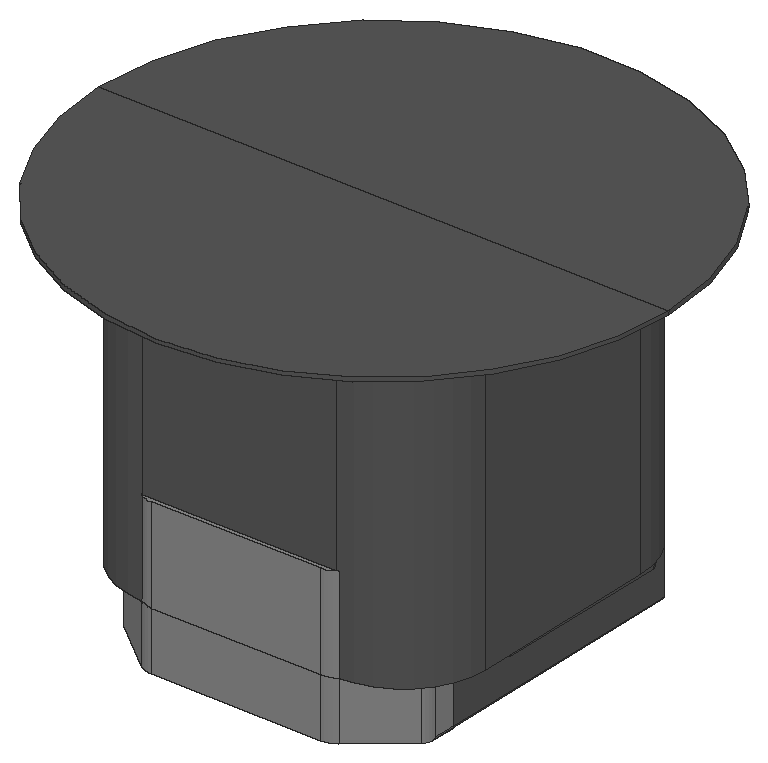
Revit family "1Electronics_Desono_Biamp_Two-Way-Conferencing-Loudspeaker_C-IC6", category Communication Devices, host Face, Revit 2020
Family settings
  Host = Face
  Maintain Annotation Orientation = No
  Round Connector Dimension = Use Diameter
  Part Type = Normal
  OmniClass Number = 23.85.10.11.14.14.14
  Cut with Voids When Loaded = No
  Shared = No
  Room Calculation Point = No
Parameters (values of type "Default - please load Revit Family Type Catalog")
  connector = no
  TCM-XA = yes
  TCM-X = yes
  Connector XA = if([TCM-XA], 3, 2)  # 3
  Connector X = if([TCM-X], 3, 2)  # 3
  Connector 450 = if(ABP450, 3, 2)  # 3
  Weight = 7.71618 lbf  # constant formula
  URL = "https://www.biamp.com/"
  Transducers = "LF 1 x 6.5 (165 mm) treated paper cone; HF 1 x 1 (25 mm) soft dome"  # constant formula
  Tile Bridge [instance] = no
  Shipping Weight = 24.0304 lbf  # constant formula
  Recommended Amplifers = "60W - 120W @ 8Ω (22V - 31V); Tesira AMP-450BP"  # constant formula
  Product data url = "https://www.bimobject.com/biamp/product/c-ic6_desono-specialty-conferencing"
  Product Page URL = "https://www.biamp.com/products/product-families/desono/specialty-conferencing-loudspeakers#c-ic6"
  Product Documentation Link = "https://downloads.biamp.com/assets/docs/default-source/data-sheets/biamp_data_sheet_desono_c_ic6_oct21.pdf"
  Operating Range (-10dB) = "60 Hz to 20 kHz"  # constant formula
  Operating Mode = "Passive with DSP"  # constant formula
  Operating Environment = "Indoor in climate-controlled environments"  # constant formula
  Nominal Sensitivity @ 1m = "1W - 88dB; 2.83V -88dB"  # constant formula
  Nominal Maximum SPL @ 1m = "Peak - 112dB; Continuous -106dB"  # constant formula
  Nominal Beamwidth  (H x V) = "130°, conical"  # constant formula
  Nom ceiling thikness [instance] = if(or(Ceiling Thickness < 0' 0 1/4", Ceiling Thickness = 0' 0 1/4"), 0' 0 1/4", if(and(Ceiling Thickness > 0' 0 1/4", Ceiling Thickness < 0' 5 1/2"), Ceiling Thickness, if(or(Ceiling Thickness > 0' 5 1/2", Ceiling Thickness = 0' 5 1/2"), 0' 5 1/2", 0' 0")))  # 0' - 0 1/4"
  Mounting Provisions = "4 mounting clamps with 36 mm (1.4) grip range"  # constant formula
  Model = "C-IC6-B with Amp-450BP"
  Manufacturer = "Biamp"  # constant formula
  Input Connection = "One 4-pole Euroblock connector for two pair of parallel connections [up to 16AWG];Two RJ-45 connectors"  # constant formula
  Housing Material = Biamp - Plastic - Black
  Grill Material = Biamp - Plastic - Black(Grid)
  Diameter = 0' - 10.86614"  # constant formula
  Description = "Desono™ C-IC6 Two-Way 6.5 Ceiling Mount Conferencing Loudspeaker"  # constant formula
  Depth = 0' - 5.94488"  # constant formula
  Default Elevation = 4' - 0"
  Cutout Diameter = "248 mm (9.75)"  # constant formula
  Continuous Power Handling Nominal Impedance = "22V; 60W @ 8Ω (240W peak)"  # constant formula
  Connector Description = "4-pole Euroblock; 22V 60W 8Ω (240W peak)"  # constant formula
  Compliance = "ETL listed to comply with UL 1480A and UL 2043;Certifed to CSA C22.2#62368-1;Suitable for use in air handling spaces per NFPA 70, NFPA 90Conforms with City of Chicago Codes"  # constant formula
  Ceiling Thickness [instance] = 0' - 0"
  ABP450 = yes
Reference planes (in)
  plane 1 "Center (Front/Back)": y = 0
  plane 2: z = 0
  plane 3 "Center (Left/Right)": x = 0
Forms (in)
  Extrusion 1, void
    sketch origin (0, 0, 0) x (1, 0, 0) y (0, 1, 0)
      loop
        circle (0, 0) r 4.8622
    from 0 to -6.10236
  Revolve 2, solid, material "Biamp - Plastic - Black(Grid)" <- "Grill Material"
    sketch origin (0, 0, 0) x (1, 0, 0) y (0, 0, 1)
      loop
        line (0, 0.07874) -> (-5.43307, 0.07874) -> (-5.43307, 0) -> (-4.84252, 0) -> (-4.84252, -0.19685) -> (-4.25197, -0.19685) -> (-4.25197, -0.3937) -> (0, -0.3937) -> (0, 0.07874)
      axis (0, -0.3937) -> (0, 0.07874)
    angle from 0 to 360
  Extrusion 3, solid, material "Biamp - Plastic - Black" <- "Housing Material", detail levels coarse
    sketch origin (0, 0, 0) x (1, 0, 0) y (0, 1, 0)
      loop
        line (-3.42418, 1.84938) -> (-3.42418, -1.84938)
        arc (-3.42418, -1.84938) -> (-2.96293, -2.96293) -> (-1.84938, -3.42418) r 1.5748
        line (-1.84938, -3.42418) -> (1.84938, -3.42418)
        arc (1.84938, -3.42418) -> (2.96293, -2.96293) -> (3.42418, -1.84938) r 1.5748
        line (3.42418, -1.84938) -> (3.42418, 1.84938)
        arc (3.42418, 1.84938) -> (2.96293, 2.96293) -> (1.84938, 3.42418) r 1.5748
        line (1.84938, 3.42418) -> (-1.84938, 3.42418)
        arc (-1.84938, 3.42418) -> (-2.96293, 2.96293) -> (-3.42418, 1.84938) r 1.5748
    from -5.94488 to -0.3937
  Extrusion 4, solid, material "Biamp - Plastic - Black" <- "Housing Material", detail levels medium+fine
    sketch origin (0, 0, 0) x (1, 0, 0) y (0, 1, 0)
      loop
        line (-3.42418, 1.84938) -> (-3.42418, -1.84938)
        arc (-3.42418, -1.84938) -> (-2.96293, -2.96293) -> (-1.84938, -3.42418) r 1.5748
        line (-1.84938, -3.42418) -> (1.84938, -3.42418)
        arc (1.84938, -3.42418) -> (2.96293, -2.96293) -> (3.42418, -1.84938) r 1.5748
        line (3.42418, -1.84938) -> (3.42418, 1.84938)
        arc (3.42418, 1.84938) -> (2.96293, 2.96293) -> (1.84938, 3.42418) r 1.5748
        line (1.84938, 3.42418) -> (-1.84938, 3.42418)
        arc (-1.84938, 3.42418) -> (-2.96293, 2.96293) -> (-3.42418, 1.84938) r 1.5748
    from -5.94488 to -0.3937
  Extrusion 5, void
    sketch origin (0, 0, 0) x (1, 0, 0) y (0, 1, 0)
      loop
        line (-0.74666, -1.34345) -> (-0.74666, -1.73715) -> (0.74666, -1.73715) -> (0.74666, -1.34345) -> (-0.74666, -1.34345)
      loop
        line (-0.62821, -1.89571) -> (-0.62821, -2.28942) -> (-0.19243, -2.28942) -> (-0.19243, -1.89571) -> (-0.62821, -1.89571)
      loop
        line (0.62821, -1.89571) -> (0.19243, -1.89571) -> (0.19243, -2.28942) -> (0.62821, -2.28942) -> (0.62821, -1.89571)
    from -6.20004 to -5.8118
  Extrusion 6, solid, material "Biamp - Plastic - Black" <- "Housing Material", visible <- "ABP450"
    sketch origin (0, 0, 0) x (1, 0, 0) y (0, 1, 0)
      loop
        line (2.9249, -2.01134) -> (3.38952, -1.2066) -> (3.38952, 2.19642) -> (2.92127, 3.00744) -> (-2.92127, 3.00744) -> (-3.38952, 2.19642) -> (-3.38952, -1.2066) -> (-2.9249, -2.01134) -> (2.9249, -2.01134)
      loop
        circle (-3.23227, 0.3418) r 0.08163
      loop
        circle (3.23227, 0.3418) r 0.08163
    from -6.0093 to -5.94488
  Extrusion 7, solid, material "Biamp - Plastic - Black" <- "Housing Material", visible <- "ABP450"
    sketch origin (0, 0, 0) x (1, 0, 0) y (0, 0, 1)
      loop
        line (-2.9249, -6.0093) -> (-2.9249, -7.02752)
        arc (-2.9249, -7.02752) -> (-2.91465, -7.05225) -> (-2.88992, -7.0625) r 0.03498
        line (-2.88992, -7.0625) -> (2.88992, -7.0625)
        arc (2.88992, -7.0625) -> (2.91465, -7.05225) -> (2.9249, -7.02752) r 0.03498
        line (2.9249, -7.02752) -> (2.9249, -6.0093) -> (-2.9249, -6.0093)
    from -3.00744 to 2.01134
  Extrusion 8, void
    sketch origin (0, -2.01134, 0) x (-1, 0, 0) y (0, 0, 1)
      loop
        line (2.77058, -6.20216) -> (2.34135, -6.20216) -> (2.34135, -6.62266) -> (2.77058, -6.62266) -> (2.77058, -6.20216)
      loop
        line (-2.77058, -6.20216) -> (-2.77058, -6.62266) -> (-2.34135, -6.62266) -> (-2.34135, -6.20216) -> (-2.77058, -6.20216)
      loop
        line (2.27058, -6.20216) -> (1.84135, -6.20216) -> (1.84135, -6.62266) -> (2.27058, -6.62266) -> (2.27058, -6.20216)
      loop
        line (1.77058, -6.20216) -> (1.34135, -6.20216) -> (1.34135, -6.62266) -> (1.77058, -6.62266) -> (1.77058, -6.20216)
      loop
        line (1.27058, -6.20216) -> (0.84135, -6.20216) -> (0.84135, -6.62266) -> (1.27058, -6.62266) -> (1.27058, -6.20216)
    from -0.34114 to 0.08712
  Extrusion 9, solid, material "Biamp - Plastic - Dark Gray", visible <- "ABP450"
    sketch origin (0, 0, -5.94488) x (0, 1, 0) y (1, 0, 0)
      loop
        line (-2.01134, 2.9249) -> (-2.41738, 2.9249)
        arc (-2.41738, 2.9249) -> (-2.53504, 2.90415) -> (-2.63851, 2.84442) r 0.34401
        line (-2.63851, 2.84442) -> (-3.42542, 1.87267)
        arc (-3.42542, 1.87267) -> (-3.49412, 1.75) -> (-3.51793, 1.61142) r 0.41512
        line (-3.51793, 1.61142) -> (-3.51793, -1.61142)
        arc (-3.51793, -1.61142) -> (-3.49412, -1.75) -> (-3.42542, -1.87267) r 0.41512
        line (-3.42542, -1.87267) -> (-2.63851, -2.84442)
        arc (-2.63851, -2.84442) -> (-2.53504, -2.90415) -> (-2.41738, -2.9249) r 0.34401
        line (-2.41738, -2.9249) -> (-2.01134, -2.9249) -> (-2.01134, 2.9249)
    from 0 to 1.11762
  Extrusion 10, void
    sketch origin (1.42689, -3.51793, -5.94488) x (1, 0, 0) y (0, 0, -1)
      loop
        arc (-4.35179, 1.08263) -> (-4.34155, 1.10737) -> (-4.31681, 1.11762) r 0.03498
        line (-4.31681, 1.11762) -> (-4.36912, 1.14306) -> (-4.35179, 1.08263)
      loop
        line (1.49801, 1.08263) -> (1.51534, 1.14306) -> (1.46303, 1.11762)
        arc (1.46303, 1.11762) -> (1.48776, 1.10737) -> (1.49801, 1.08263) r 0.03498
    from 0 to 2.76445
  Extrusion 11, solid, material "Biamp - Plastic - Dark Gray", visible <- "ABP450"
    sketch origin (0, 0, -5.94488) x (0, 1, 0) y (-1, 0, 0)
      loop
        line (-3.42418, -1.87419) -> (-3.42418, 1.87419)
        arc (-3.42418, 1.87419) -> (-3.49379, 1.75092) -> (-3.51793, 1.61142) r 0.41512
        line (-3.51793, 1.61142) -> (-3.51793, -1.61142)
        arc (-3.51793, -1.61142) -> (-3.49379, -1.75092) -> (-3.42418, -1.87419) r 0.41512
    from 0 to 1.82275
  Extrusion 12, solid, material "Biamp - Plastic - Dark Gray", visible <- "TCM-X"
    sketch origin (0, 0, -5.94488) x (0, 1, 0) y (1, 0, 0)
      loop
        line (-2.01134, 2.9249) -> (-2.41738, 2.9249)
        arc (-2.41738, 2.9249) -> (-2.53504, 2.90415) -> (-2.63851, 2.84442) r 0.34401
        line (-2.63851, 2.84442) -> (-3.42542, 1.87267)
        arc (-3.42542, 1.87267) -> (-3.49412, 1.75) -> (-3.51793, 1.61142) r 0.41512
        line (-3.51793, 1.61142) -> (-3.51793, -1.61142)
        arc (-3.51793, -1.61142) -> (-3.49412, -1.75) -> (-3.42542, -1.87267) r 0.41512
        line (-3.42542, -1.87267) -> (-2.63851, -2.84442)
        arc (-2.63851, -2.84442) -> (-2.53504, -2.90415) -> (-2.41738, -2.9249) r 0.34401
        line (-2.41738, -2.9249) -> (-2.01134, -2.9249) -> (-2.01134, 2.9249)
    from 0 to 1.11762
  Extrusion 13, solid, material "Biamp - Plastic - Dark Gray", visible <- "TCM-X"
    sketch origin (0, 0, -5.94488) x (0, 1, 0) y (-1, 0, 0)
      loop
        line (-3.42418, -1.87419) -> (-3.42418, 1.87419)
        arc (-3.42418, 1.87419) -> (-3.49379, 1.75092) -> (-3.51793, 1.61142) r 0.41512
        line (-3.51793, 1.61142) -> (-3.51793, -1.61142)
        arc (-3.51793, -1.61142) -> (-3.49379, -1.75092) -> (-3.42418, -1.87419) r 0.41512
    from 0 to 1.82275
  Extrusion 14, solid, material "Biamp - Plastic - Black" <- "Housing Material", visible <- "TCM-X"
    sketch origin (0, 0, 0) x (1, 0, 0) y (0, 1, 0)
      loop
        line (2.9249, -2.01134) -> (3.38952, -1.2066) -> (3.38952, 2.19642) -> (2.92127, 3.00744) -> (-2.92127, 3.00744) -> (-3.38952, 2.19642) -> (-3.38952, -1.2066) -> (-2.9249, -2.01134) -> (2.9249, -2.01134)
      loop
        circle (-3.23227, 0.3418) r 0.08163
      loop
        circle (3.23227, 0.3418) r 0.08163
    from -6.0093 to -5.94488
  Extrusion 15, solid, material "Biamp - Plastic - Black" <- "Housing Material", visible <- "TCM-X"
    sketch origin (0, 0, 0) x (1, 0, 0) y (0, 0, 1)
      loop
        line (-2.9249, -6.0093) -> (-2.9249, -7.02752)
        arc (-2.9249, -7.02752) -> (-2.91465, -7.05225) -> (-2.88992, -7.0625) r 0.03498
        line (-2.88992, -7.0625) -> (2.88992, -7.0625)
        arc (2.88992, -7.0625) -> (2.91465, -7.05225) -> (2.9249, -7.02752) r 0.03498
        line (2.9249, -7.02752) -> (2.9249, -6.0093) -> (-2.9249, -6.0093)
    from -3.00744 to 2.01134
  Extrusion 16, void
    sketch origin (0, -2.01134, 0) x (1, 0, 0) y (0, 0, 1)
      loop
        line (1.09135, -6.20216) -> (1.09135, -6.62266) -> (1.52058, -6.62266) -> (1.52058, -6.20216) -> (1.09135, -6.20216)
      loop
        line (-0.3229, -6.20216) -> (-0.3229, -6.62266) -> (0.10633, -6.62266) -> (0.10633, -6.20216) -> (-0.3229, -6.20216)
      loop
        line (-1.0729, -6.20216) -> (-1.0729, -6.62266) -> (-0.64367, -6.62266) -> (-0.64367, -6.20216) -> (-1.0729, -6.20216)
    from -0.08712 to 0.27807
  Extrusion 17, solid, material "Biamp - Plastic - Black" <- "Housing Material", visible <- "TCM-XA"
    sketch origin (0, 0, 0) x (1, 0, 0) y (0, 1, 0)
      loop
        line (2.9249, -2.01134) -> (3.38952, -1.2066) -> (3.38952, 2.19642) -> (2.92127, 3.00744) -> (-2.92127, 3.00744) -> (-3.38952, 2.19642) -> (-3.38952, -1.2066) -> (-2.9249, -2.01134) -> (2.9249, -2.01134)
      loop
        circle (-3.23227, 0.3418) r 0.08163
      loop
        circle (3.23227, 0.3418) r 0.08163
    from -6.0093 to -5.94488
  Extrusion 18, solid, material "Biamp - Plastic - Black" <- "Housing Material", visible <- "TCM-XA"
    sketch origin (0, 0, 0) x (1, 0, 0) y (0, 0, 1)
      loop
        line (-2.9249, -6.0093) -> (-2.9249, -7.02752)
        arc (-2.9249, -7.02752) -> (-2.91465, -7.05225) -> (-2.88992, -7.0625) r 0.03498
        line (-2.88992, -7.0625) -> (2.88992, -7.0625)
        arc (2.88992, -7.0625) -> (2.91465, -7.05225) -> (2.9249, -7.02752) r 0.03498
        line (2.9249, -7.02752) -> (2.9249, -6.0093) -> (-2.9249, -6.0093)
    from -3.00744 to 2.01134
  Extrusion 19, solid, material "Biamp - Plastic - Dark Gray", visible <- "TCM-XA"
    sketch origin (0, 0, -5.94488) x (0, 1, 0) y (1, 0, 0)
      loop
        line (-2.01134, 2.9249) -> (-2.41738, 2.9249)
        arc (-2.41738, 2.9249) -> (-2.53504, 2.90415) -> (-2.63851, 2.84442) r 0.34401
        line (-2.63851, 2.84442) -> (-3.42542, 1.87267)
        arc (-3.42542, 1.87267) -> (-3.49412, 1.75) -> (-3.51793, 1.61142) r 0.41512
        line (-3.51793, 1.61142) -> (-3.51793, -1.61142)
        arc (-3.51793, -1.61142) -> (-3.49412, -1.75) -> (-3.42542, -1.87267) r 0.41512
        line (-3.42542, -1.87267) -> (-2.63851, -2.84442)
        arc (-2.63851, -2.84442) -> (-2.53504, -2.90415) -> (-2.41738, -2.9249) r 0.34401
        line (-2.41738, -2.9249) -> (-2.01134, -2.9249) -> (-2.01134, 2.9249)
    from 0 to 1.11762
  Extrusion 20, solid, material "Biamp - Plastic - Dark Gray", visible <- "TCM-XA"
    sketch origin (0, 0, -5.94488) x (0, 1, 0) y (-1, 0, 0)
      loop
        line (-3.42418, -1.87419) -> (-3.42418, 1.87419)
        arc (-3.42418, 1.87419) -> (-3.49379, 1.75092) -> (-3.51793, 1.61142) r 0.41512
        line (-3.51793, 1.61142) -> (-3.51793, -1.61142)
        arc (-3.51793, -1.61142) -> (-3.49379, -1.75092) -> (-3.42418, -1.87419) r 0.41512
    from 0 to 1.82275
  Extrusion 21, void
    sketch origin (0, -2.01134, 0) x (1, 0, 0) y (0, 0, 1)
      loop
        line (-1.8229, -6.20216) -> (-1.8229, -6.62266) -> (-1.39367, -6.62266) -> (-1.39367, -6.20216) -> (-1.8229, -6.20216)
      loop
        line (-2.5729, -6.20216) -> (-2.5729, -6.62266) -> (-2.14367, -6.62266) -> (-2.14367, -6.20216) -> (-2.5729, -6.20216)
    from -0.08712 to 0.14433
Cuts and joins
  Extrusion 5 cuts Extrusion 4
  Extrusion 5 cuts Revolve 2
  Extrusion 5 cuts Extrusion 3
  Extrusion 8, Extrusion 10 cuts Extrusion 7
  Extrusion 10 cuts Extrusion 9
  Extrusion 10 cuts Extrusion 12
  Extrusion 16 cuts Extrusion 15
  Extrusion 16, Extrusion 21 cuts Extrusion 18
Lines and regions (in)
  Masking region 1
    outline origin (0, 0, 0) x (1, 0, 0) y (0, 1, 0)
      loop
        circle (0, 0) r 5.43307
  Masking region 2
    outline origin (0, 0, 0) x (1, 0, 0) y (0, 0, 1)
      loop
        line (5.43307, 0.07874) -> (-5.43307, 0.07874) -> (-5.43307, 0) -> (-4.84252, 0) -> (-4.84252, -0.19685) -> (-4.25197, -0.19685) -> (-4.25197, -0.3937) -> (4.25197, -0.3937) -> (4.25197, -0.19685) -> (4.84252, -0.19685) -> (4.84252, 0) -> (5.43307, 0) -> (5.43307, 0.07874)
  Masking region 3
    outline origin (0, 0, 0) x (1, 0, 0) y (0, 0, 1)
      loop
        line (-3.42418, -0.3937) -> (-3.42418, -5.94488) -> (3.42418, -5.94488) -> (3.42418, -0.3937) -> (-3.42418, -0.3937)
  Masking region 4, visible <- "ABP450"
    outline origin (0, 0, 0) x (1, 0, 0) y (0, 0, 1)
      loop
        line (-3.07702, -5.94488) -> (-3.07702, -6.0093) -> (3.07702, -6.0093) -> (3.07702, -5.94488) -> (-3.07702, -5.94488)
  Masking region 5, visible <- "ABP450"
    outline origin (0, 0, 0) x (1, 0, 0) y (0, 0, 1)
      loop
        line (-2.6124, -6.0093) -> (-2.6124, -7.02752)
        arc (-2.6124, -7.02752) -> (-2.60215, -7.05225) -> (-2.57742, -7.0625) r 0.03498
        line (-2.57742, -7.0625) -> (2.57742, -7.0625)
        arc (2.57742, -7.0625) -> (2.60215, -7.05225) -> (2.6124, -7.02752) r 0.03498
        line (2.6124, -7.02752) -> (2.6124, -6.0093) -> (-2.6124, -6.0093)
  Masking region 6, visible <- "ABP450"
    outline origin (0, 0, 0) x (1, 0, 0) y (0, 1, 0)
      loop
        line (-3.38952, 2.19642) -> (-3.38952, -1.2066) -> (-2.92127, -2.01762) -> (-2.92127, 3.00744) -> (-3.38952, 2.19642)
      loop
        circle (-3.23227, 0.3418) r 0.08163
      loop
        line (3.38952, 2.19642) -> (2.92127, 3.00744) -> (2.92127, -2.01762) -> (3.38952, -1.2066) -> (3.38952, 2.19642)
      loop
        circle (3.23227, 0.3418) r 0.08163
  Masking region 7, visible <- "ABP450"
    outline origin (0, 0, 0) x (1, 0, 0) y (0, 1, 0)
      loop
        line (-2.9249, 3.00744) -> (-2.9249, -2.01134) -> (2.9249, -2.01134) -> (2.9249, 3.00744) -> (-2.9249, 3.00744)
  Masking region 8
    outline origin (0, 0, 0) x (1, 0, 0) y (0, 0, 1)
      loop
        line (-2.6124, -6.0093) -> (-2.6124, -7.0625) -> (2.6184, -7.0625) -> (2.6184, -6.0093) -> (-2.6124, -6.0093)
  Masking region 9
    outline origin (0, 0, 0) x (1, 0, 0) y (0, 0, 1)
      loop
        line (-1.87419, -4.12213) -> (-1.87419, -6.0093) -> (1.87419, -6.0093) -> (1.87419, -4.12213) -> (-1.87419, -4.12213)
  Masking region 10, visible <- "ABP450"
    outline origin (0, 0, 0) x (1, 0, 0) y (0, 1, 0)
      loop
        line (-2.84442, -2.63851) -> (-1.87267, -3.42542)
        arc (-1.87267, -3.42542) -> (-1.75, -3.49412) -> (-1.61142, -3.51793) r 0.41512
        line (-1.61142, -3.51793) -> (1.61142, -3.51793)
        arc (1.61142, -3.51793) -> (1.75, -3.49412) -> (1.87267, -3.42542) r 0.41512
        line (1.87267, -3.42542) -> (2.84442, -2.63851)
        arc (2.84442, -2.63851) -> (2.90415, -2.53504) -> (2.9249, -2.41738) r 0.34401
        line (2.9249, -2.41738) -> (2.9249, -2.01134) -> (-2.9249, -2.01134) -> (-2.9249, -2.41738)
        arc (-2.9249, -2.41738) -> (-2.90415, -2.53504) -> (-2.84442, -2.63851) r 0.34401
  reference lines
    curve 1: line (-58.44901, 0, -0.25) -> (-45.44901, 0, -0.25)
    curve 2: line (0, -4.62706, -5.43695) -> (0, -7.12706, -5.43695)
    curve 3: line (0, 3.29143, -5.94158) -> (0, 4.54143, -5.94158)
Dimensions and locks (in)
  "Nom ceiling thikness": plane 2 to curve 1
  equal spacing: group 2, group 11, group 1
  equal spacing: group 1, group 11, group 2  (x2)
  equal spacing: group 4, group 12, group 3
  equal spacing: group 3, group 12, group 4  (x2)
  equal spacing: group 6, group 13, group 5
  equal spacing: group 5, group 13, group 6  (x2)
  equal spacing: group 8, group 14, group 7
  equal spacing: group 7, group 14, group 8  (x2)
  equal spacing: group 10, group 15, group 9
  equal spacing: group 9, group 15, group 10  (x2)
  equal spacing: group 17, group 18, group 16
  equal spacing: group 16, group 18, group 17  (x2)
  equal spacing: group 20, group 21, group 19
  equal spacing: group 19, group 21, group 20  (x2)
  equal spacing: group 23, group 24, group 22
  equal spacing: group 22, group 24, group 23  (x2)
  equal spacing: group 26, group 27, group 25
  equal spacing: group 25, group 27, group 26  (x2)
  equal spacing: group 29, group 30, group 28
  equal spacing: group 28, group 30, group 29  (x2)
  equal spacing: group 32, group 33, group 31
  equal spacing: group 31, group 33, group 32  (x2)
  equal spacing: group 35, group 36, group 34
  equal spacing: group 34, group 36, group 35  (x2)
  equal spacing: group 38, group 39, group 37
  equal spacing: group 37, group 39, group 38  (x2)
  aligned and locked: plane 2 to host face
  aligned and locked: level to host face
Automatic sketch dimensions
  host sketch curve to host sketch curve = 8' - 0"  (x2)
  plane 1 "Center (Front/Back)" to Extrusion 1 sketch curve = 0' - 0"
  Extrusion 1 sketch curve to plane 3 "Center (Left/Right)" = 0' - 0"
  Revolve 2 sketch curve to level = 0' - 0"
  Revolve 2 sketch curve to plane 3 "Center (Left/Right)" = 0' - 0"  (x2)
  Revolve 2 sketch curve to level = 0' - 0.3937"
  Revolve 2 sketch curve to Revolve 2 sketch curve = 0' - 4.25197"
  Revolve 2 sketch curve to level = 0' - 0.19685"
  Revolve 2 sketch curve to Revolve 2 sketch curve = 0' - 0.59055"  (x2)
  Revolve 2 sketch curve to Revolve 2 sketch curve = 0' - 0.07874"
  Revolve 2 sketch curve to Revolve 2 sketch curve = 0' - 1.9685"
  Revolve 2 sketch curve to Revolve 2 sketch curve = 0' - 1.69291"
  Extrusion 3 sketch curve to plane 1 "Center (Front/Back)" = 0' - 1.84938"
  Extrusion 3 sketch curve to plane 3 "Center (Left/Right)" = 0' - 3.42418"
  Extrusion 3 sketch curve to plane 3 "Center (Left/Right)" = 0' - 1.84938"  (x2)
  plane 3 "Center (Left/Right)" to Extrusion 3 sketch curve = 0' - 1.84938"  (x2)
  Extrusion 3 sketch curve to Extrusion 3 sketch curve = 0' - 1.5748"
  plane 1 "Center (Front/Back)" to Extrusion 3 sketch curve = 0' - 1.84938"
  Extrusion 4 sketch curve to plane 1 "Center (Front/Back)" = 0' - 1.84938"
  Extrusion 4 sketch curve to plane 3 "Center (Left/Right)" = 0' - 3.42418"
  Extrusion 4 sketch curve to plane 3 "Center (Left/Right)" = 0' - 1.84938"  (x2)
  plane 3 "Center (Left/Right)" to Extrusion 4 sketch curve = 0' - 1.84938"  (x2)
  Extrusion 4 sketch curve to Extrusion 4 sketch curve = 0' - 1.5748"
  plane 1 "Center (Front/Back)" to Extrusion 4 sketch curve = 0' - 1.84938"
  Extrusion 5 sketch curve to plane 3 "Center (Left/Right)" = 0' - 0.74666"
  Extrusion 5 sketch curve to Extrusion 5 sketch curve = 0' - 0.11845"  (x2)
  Extrusion 5 sketch curve to plane 3 "Center (Left/Right)" = 0' - 0.19243"
  plane 3 "Center (Left/Right)" to Extrusion 5 sketch curve = 0' - 0.19243"
  Extrusion 5 sketch curve to Extrusion 5 sketch curve = 0' - 0.43578"
  plane 1 "Center (Front/Back)" to Extrusion 5 sketch curve = 0' - 2.28942"
  Extrusion 5 sketch curve to Extrusion 5 sketch curve = 0' - 0"  (x2)
  Extrusion 5 sketch curve to Extrusion 5 sketch curve = 0' - 0.3937"  (x2)
  Extrusion 5 sketch curve to Extrusion 5 sketch curve = 0' - 0.15857"
  plane 1 "Center (Front/Back)" to Masking region 1 sketch curve = 0' - 0"
  Masking region 1 sketch curve to plane 3 "Center (Left/Right)" = 0' - 0"
  Masking region 2 sketch curve to level = 0' - 0"  (x2)
  level to Masking region 2 sketch curve = 0' - 0.07874"
  Masking region 2 sketch curve to plane 3 "Center (Left/Right)" = 0' - 5.43307"
  Masking region 2 sketch curve to Masking region 2 sketch curve = 0' - 0.59055"  (x4)
  Masking region 2 sketch curve to level = 0' - 0.3937"
  plane 3 "Center (Left/Right)" to Masking region 2 sketch curve = 0' - 4.25197"
  Masking region 2 sketch curve to level = 0' - 0.19685"  (x2)
  Masking region 3 sketch curve to level = 0' - 0.3937"
  Masking region 3 sketch curve to plane 3 "Center (Left/Right)" = 0' - 3.42418"
  plane 3 "Center (Left/Right)" to Masking region 3 sketch curve = 0' - 3.42418"
  Masking region 3 sketch curve to Masking region 3 sketch curve = 0' - 5.55118"
  plane 1 "Center (Front/Back)" to curve 2 = 0' - 7.12706"
  curve 3 to plane 1 "Center (Front/Back)" = 0' - 3.29143"
  curve 3 to level = 0' - 5.94158"
  curve 2 to curve 2 = 0' - 2 1/2"
  curve 3 to curve 3 = 0' - 1 1/4"
  curve 2 to level = 0' - 5.43695"
  Extrusion 7 sketch curve to plane 3 "Center (Left/Right)" = 0' - 2.9249"
  Extrusion 7 sketch curve to Extrusion 7 sketch curve = 0' - 0.03498"  (x2)
  plane 3 "Center (Left/Right)" to Extrusion 7 sketch curve = 0' - 2.9249"
  Extrusion 7 sketch curve to level = 0' - 7 1/16"
  Extrusion 7 sketch curve to Extrusion 7 sketch curve = 0' - 1.01822"
  Extrusion 7 to Extrusion 8 sketch curve = 0' - 0.15432"  (x2)
  Extrusion 7 to Extrusion 8 sketch curve = 0' - 0.19286"  (x2)
  Extrusion 8 sketch curve to Extrusion 8 sketch curve = 0' - 0.42923"  (x4)
  Extrusion 7 to Extrusion 8 sketch curve = 0' - 0.43984"  (x2)
  Extrusion 7 to Extrusion 8 sketch curve = 0' - 2.08355"
  Extrusion 8 sketch curve to Extrusion 8 sketch curve = 0' - 0.07077"  (x3)
  Extrusion 8 sketch curve to Extrusion 8 sketch curve = 0' - 0.4205"  (x2)
  Extrusion 8 sketch curve to Extrusion 8 sketch curve = 0' - 0"  (x4)
  Masking region 4 sketch curve to plane 3 "Center (Left/Right)" = 0' - 3.07702"
  plane 3 "Center (Left/Right)" to Masking region 4 sketch curve = 0' - 3.07702"
  Masking region 4 sketch curve to level = 0' - 6.0093"
  Masking region 4 sketch curve to Masking region 4 sketch curve = 0' - 0.06441"
  Masking region 5 sketch curve to plane 3 "Center (Left/Right)" = 0' - 2.6124"
  Masking region 5 sketch curve to Masking region 5 sketch curve = 0' - 0.03498"  (x2)
  plane 3 "Center (Left/Right)" to Masking region 5 sketch curve = 0' - 2.57742"
  Masking region 5 sketch curve to level = 0' - 7 1/16"
  Masking region 5 sketch curve to Masking region 5 sketch curve = 0' - 1.01822"
  Masking region 7 sketch curve to plane 3 "Center (Left/Right)" = 0' - 2.9249"
  plane 3 "Center (Left/Right)" to Masking region 7 sketch curve = 0' - 2.9249"
  plane 1 "Center (Front/Back)" to Masking region 7 sketch curve = 0' - 2.01134"
  Masking region 7 sketch curve to plane 1 "Center (Front/Back)" = 0' - 3.00744"
  Extrusion 10 sketch curve to Extrusion 9 = 0' - 0"  (x2)
  Extrusion 9 to Extrusion 10 sketch curve = 0' - 0.02544"  (x2)
  Extrusion 10 sketch curve to Extrusion 9 = 0' - 0.03498"  (x2)
  Extrusion 10 sketch curve to Extrusion 10 sketch curve = 0' - 0.01733"
  Extrusion 10 sketch curve to Extrusion 10 sketch curve = 0' - 0.05231"
  plane 1 "Center (Front/Back)" to Extrusion 6 sketch curve = 0' - 1.2066"  (x2)
  Extrusion 6 sketch curve to plane 3 "Center (Left/Right)" = 0' - 3.38952"
  Extrusion 6 sketch curve to plane 1 "Center (Front/Back)" = 0' - 0.3418"  (x2)
  Extrusion 6 sketch curve to Extrusion 6 sketch curve = 0' - 0.15725"
  Extrusion 6 sketch curve to Extrusion 6 sketch curve = 0' - 0.46462"
  Extrusion 6 sketch curve to Extrusion 6 sketch curve = 0' - 0.46824"  (x2)
  plane 3 "Center (Left/Right)" to Extrusion 6 sketch curve = 0' - 2.92127"
  Extrusion 6 sketch curve to Extrusion 6 sketch curve = 0' - 1.85462"  (x2)
  Extrusion 6 sketch curve to Extrusion 6 sketch curve = 0' - 0.81102"
  Extrusion 6 sketch curve to Extrusion 6 sketch curve = 0' - 0.08163"  (x2)
  plane 3 "Center (Left/Right)" to Extrusion 6 sketch curve = 0' - 2.9249"
  Extrusion 6 sketch curve to Extrusion 6 sketch curve = 0' - 0.30737"
  Extrusion 6 sketch curve to Extrusion 6 sketch curve = 0' - 0.80474"
  Extrusion 9 sketch curve to Extrusion 3 = 0' - 0 3/32"
  Extrusion 9 sketch curve to Extrusion 3 = 0' - 0.00124"  (x2)
  Extrusion 3 to Extrusion 9 sketch curve = 0' - 0.32137"
  Extrusion 3 to Extrusion 9 sketch curve = 0' - 0.78567"  (x2)
  Extrusion 9 sketch curve to Extrusion 9 sketch curve = 0' - 0.22113"  (x2)
  Extrusion 9 sketch curve to Extrusion 9 sketch curve = 0' - 0.40604"
  Extrusion 3 to Extrusion 9 sketch curve = 0' - 0.49928"
  Extrusion 9 sketch curve to Extrusion 9 sketch curve = 0' - 0.08048"
  Extrusion 9 sketch curve to Extrusion 9 sketch curve = 0' - 0.70822"
  Extrusion 3 to Extrusion 9 sketch curve = 0' - 1.81275"
  Extrusion 9 sketch curve to Extrusion 9 sketch curve = 0' - 0.26125"
  Extrusion 9 sketch curve to Extrusion 9 sketch curve = 0' - 0.26353"
  Extrusion 3 to Extrusion 9 sketch curve = 0' - 0.84329"
  Extrusion 10 sketch curve to Extrusion 9 = 0' - 1.3308"
  Extrusion 10 sketch curve to Extrusion 9 = 0' - 1.27849"
  Extrusion 11 sketch curve to Extrusion 9 = 0' - 0 3/32"
  Extrusion 11 sketch curve to Extrusion 9 = 0' - 1.05071"
  Extrusion 11 sketch curve to Extrusion 11 sketch curve = 0' - 0.26277"
  Masking region 8 sketch curve to plane 3 "Center (Left/Right)" = 0' - 2.6124"
  plane 3 "Center (Left/Right)" to Masking region 8 sketch curve = 0' - 2.6184"
  Masking region 8 sketch curve to level = 0' - 7 1/16"
  Masking region 8 sketch curve to Masking region 8 sketch curve = 0' - 1.0532"
  Masking region 9 sketch curve to plane 3 "Center (Left/Right)" = 0' - 1.87419"
  plane 3 "Center (Left/Right)" to Masking region 9 sketch curve = 0' - 1.87419"
  Masking region 9 sketch curve to level = 0' - 6.0093"
  Masking region 9 sketch curve to Masking region 9 sketch curve = 0' - 1.88716"
  Masking region 6 sketch curve to Masking region 6 sketch curve = 0' - 0"  (x4)
  Masking region 6 sketch curve to plane 3 "Center (Left/Right)" = 0' - 3.38952"
  Masking region 6 sketch curve to plane 1 "Center (Front/Back)" = 0' - 0.3418"  (x2)
  Masking region 6 sketch curve to Masking region 6 sketch curve = 0' - 0.15725"
  Masking region 6 sketch curve to Masking region 6 sketch curve = 0' - 0.46824"  (x2)
  plane 3 "Center (Left/Right)" to Masking region 6 sketch curve = 0' - 2.92127"
  Masking region 6 sketch curve to Masking region 6 sketch curve = 0' - 0.31099"
  plane 1 "Center (Front/Back)" to Masking region 6 sketch curve = 0' - 1.2066"
  plane 1 "Center (Front/Back)" to Masking region 6 sketch curve = 0' - 2.01762"
  Masking region 6 sketch curve to Masking region 6 sketch curve = 0' - 0.81102"  (x4)
  Masking region 6 sketch curve to Masking region 6 sketch curve = 0' - 1.85462"  (x2)
  Masking region 6 sketch curve to Masking region 6 sketch curve = 0' - 0.08163"  (x2)
  Masking region 10 sketch curve to plane 3 "Center (Left/Right)" = 0' - 2.9249"
  Masking region 10 sketch curve to Masking region 10 sketch curve = 0' - 0.08048"
  Masking region 10 sketch curve to Masking region 10 sketch curve = 0' - 0.26353"  (x2)
  Masking region 10 sketch curve to Masking region 10 sketch curve = 0' - 0.70822"
  Masking region 10 sketch curve to Masking region 10 sketch curve = 0' - 0.26125"  (x2)
  plane 3 "Center (Left/Right)" to Masking region 10 sketch curve = 0' - 1.61142"
  Masking region 10 sketch curve to Masking region 10 sketch curve = 0' - 0.96946"
  Masking region 10 sketch curve to Masking region 10 sketch curve = 0' - 0.34401"
  plane 1 "Center (Front/Back)" to Masking region 10 sketch curve = 0' - 3.51793"
  Masking region 10 sketch curve to Masking region 10 sketch curve = 0' - 0.09251"  (x2)
  Masking region 10 sketch curve to Masking region 10 sketch curve = 0' - 0.78691"  (x2)
  Masking region 10 sketch curve to Masking region 10 sketch curve = 0' - 0.40604"
  Extrusion 12 sketch curve to Extrusion 3 = 0' - 0 3/32"
  Extrusion 12 sketch curve to Extrusion 3 = 0' - 0.00124"  (x2)
  Extrusion 3 to Extrusion 12 sketch curve = 0' - 0.32137"  (x2)
  Extrusion 3 to Extrusion 12 sketch curve = 0' - 0.78567"  (x2)
  Extrusion 12 sketch curve to Extrusion 12 sketch curve = 0' - 0.22113"  (x2)
  Extrusion 12 sketch curve to Extrusion 12 sketch curve = 0' - 0.40604"
  Extrusion 3 to Extrusion 12 sketch curve = 0' - 0.49928"
  Extrusion 12 sketch curve to Extrusion 12 sketch curve = 0' - 0.08048"
  Extrusion 12 sketch curve to Extrusion 12 sketch curve = 0' - 0.70822"
  Extrusion 3 to Extrusion 12 sketch curve = 0' - 1.81275"
  Extrusion 3 to Extrusion 12 sketch curve = 0' - 0.84329"
  Extrusion 12 sketch curve to Extrusion 12 sketch curve = 0' - 0.26353"
  Extrusion 13 sketch curve to Extrusion 9 = 0' - 0 3/32"
  Extrusion 13 sketch curve to Extrusion 13 sketch curve = 0' - 0.41512"
  Extrusion 13 sketch curve to Extrusion 9 = 0' - 1.31348"
  Extrusion 14 sketch curve to Extrusion 14 sketch curve = 0' - 0"  (x4)
  plane 1 "Center (Front/Back)" to Extrusion 14 sketch curve = 0' - 1.2066"  (x2)
  Extrusion 14 sketch curve to plane 3 "Center (Left/Right)" = 0' - 3.38952"
  Extrusion 14 sketch curve to plane 1 "Center (Front/Back)" = 0' - 0.3418"  (x2)
  Extrusion 14 sketch curve to Extrusion 14 sketch curve = 0' - 0.15725"
  Extrusion 14 sketch curve to Extrusion 14 sketch curve = 0' - 0.46462"  (x2)
  Extrusion 14 sketch curve to Extrusion 14 sketch curve = 0' - 0.46824"
  plane 3 "Center (Left/Right)" to Extrusion 14 sketch curve = 0' - 2.92127"
  plane 3 "Center (Left/Right)" to Extrusion 14 sketch curve = 0' - 2.9249"
  Extrusion 14 sketch curve to Extrusion 14 sketch curve = 0' - 0.30737"
  Extrusion 14 sketch curve to Extrusion 14 sketch curve = 0' - 0.80474"
  Extrusion 14 sketch curve to Extrusion 14 sketch curve = 0' - 1.85462"  (x2)
  Extrusion 14 sketch curve to Extrusion 14 sketch curve = 0' - 0.81102"
  Extrusion 14 sketch curve to Extrusion 14 sketch curve = 0' - 0.08163"  (x2)
  Extrusion 15 sketch curve to plane 3 "Center (Left/Right)" = 0' - 2.9249"
  Extrusion 15 sketch curve to Extrusion 15 sketch curve = 0' - 0.03498"  (x2)
  plane 3 "Center (Left/Right)" to Extrusion 15 sketch curve = 0' - 2.88992"
  Extrusion 15 sketch curve to level = 0' - 7 1/16"
  Extrusion 15 sketch curve to Extrusion 15 sketch curve = 0' - 1.01822"
  Extrusion 16 sketch curve to Extrusion 15 = 0' - 0.43984"  (x3)
  Extrusion 16 sketch curve to Extrusion 15 = 0' - 1.852"
  Extrusion 16 sketch curve to Extrusion 16 sketch curve = 0' - 0.42923"  (x3)
  Extrusion 16 sketch curve to Extrusion 16 sketch curve = 0' - 0.32077"
  Extrusion 16 sketch curve to Extrusion 16 sketch curve = 0' - 0.98502"
  Extrusion 16 sketch curve to Extrusion 15 = 0' - 0.19286"  (x3)
  Extrusion 17 sketch curve to Extrusion 17 sketch curve = 0' - 0"  (x4)
  plane 1 "Center (Front/Back)" to Extrusion 17 sketch curve = 0' - 1.2066"  (x2)
  Extrusion 17 sketch curve to plane 3 "Center (Left/Right)" = 0' - 3.38952"
  Extrusion 17 sketch curve to plane 1 "Center (Front/Back)" = 0' - 0.3418"  (x2)
  Extrusion 17 sketch curve to Extrusion 17 sketch curve = 0' - 0.15725"
  Extrusion 17 sketch curve to Extrusion 17 sketch curve = 0' - 0.46462"  (x2)
  Extrusion 17 sketch curve to Extrusion 17 sketch curve = 0' - 0.46824"
  plane 3 "Center (Left/Right)" to Extrusion 17 sketch curve = 0' - 2.92127"
  plane 3 "Center (Left/Right)" to Extrusion 17 sketch curve = 0' - 2.9249"
  Extrusion 17 sketch curve to Extrusion 17 sketch curve = 0' - 0.30737"
  Extrusion 17 sketch curve to Extrusion 17 sketch curve = 0' - 0.80474"
  Extrusion 17 sketch curve to Extrusion 17 sketch curve = 0' - 1.85462"  (x2)
  Extrusion 17 sketch curve to Extrusion 17 sketch curve = 0' - 0.81102"
  Extrusion 17 sketch curve to Extrusion 17 sketch curve = 0' - 0.08163"  (x2)
  Extrusion 18 sketch curve to plane 3 "Center (Left/Right)" = 0' - 2.9249"
  Extrusion 18 sketch curve to Extrusion 18 sketch curve = 0' - 0.03498"  (x2)
  plane 3 "Center (Left/Right)" to Extrusion 18 sketch curve = 0' - 2.88992"
  Extrusion 18 sketch curve to level = 0' - 7 1/16"
  Extrusion 18 sketch curve to Extrusion 18 sketch curve = 0' - 1.01822"
  Extrusion 19 sketch curve to Extrusion 3 = 0' - 0 3/32"
  Extrusion 19 sketch curve to Extrusion 3 = 0' - 0.00124"  (x2)
  Extrusion 3 to Extrusion 19 sketch curve = 0' - 0.32137"  (x2)
  Extrusion 3 to Extrusion 19 sketch curve = 0' - 0.78567"  (x2)
  Extrusion 19 sketch curve to Extrusion 19 sketch curve = 0' - 0.22113"  (x2)
  Extrusion 19 sketch curve to Extrusion 19 sketch curve = 0' - 0.40604"
  Extrusion 3 to Extrusion 19 sketch curve = 0' - 0.49928"
  Extrusion 19 sketch curve to Extrusion 19 sketch curve = 0' - 0.08048"
  Extrusion 19 sketch curve to Extrusion 19 sketch curve = 0' - 0.70822"
  Extrusion 3 to Extrusion 19 sketch curve = 0' - 1.81275"
  Extrusion 3 to Extrusion 19 sketch curve = 0' - 0.84329"
  Extrusion 19 sketch curve to Extrusion 19 sketch curve = 0' - 0.26353"
  Extrusion 20 sketch curve to Extrusion 9 = 0' - 0 3/32"
  Extrusion 20 sketch curve to Extrusion 20 sketch curve = 0' - 0.41512"
  Extrusion 20 sketch curve to Extrusion 9 = 0' - 1.31348"
  Extrusion 21 sketch curve to Extrusion 18 = 0' - 0.352"
  Extrusion 21 sketch curve to Extrusion 21 sketch curve = 0' - 0.42923"  (x2)
  Extrusion 21 sketch curve to Extrusion 21 sketch curve = 0' - 0.32077"
  Extrusion 21 sketch curve to Extrusion 18 = 0' - 0.43984"  (x2)
  Extrusion 21 sketch curve to Extrusion 18 = 0' - 0.19286"  (x2)
  curve 1 to plane 3 "Center (Left/Right)" = 4' - 10.44901"
  curve 1 to curve 1 = 1' - 1"
  radius of Extrusion 1 sketch curve = 0' - 4.8622"
  radius of Masking region 1 sketch curve = 0' - 5.43307"
  radius of Extrusion 11 sketch curve to Extrusion 9 = 0' - 0"
  radius of Extrusion 13 sketch curve to Extrusion 9 = 0' - 0"
  radius of Extrusion 20 sketch curve to Extrusion 9 = 0' - 0"
Nested families (in)
  nested 1: "Tile Bridge Rail" at (0, 0, -0.25) x (0, -1, 0) z (0, 0, -1), visible <- "Tile Bridge", type "C-IC6 Tile Bridge"
    with Housing Material Biamp - Metal - Silver
  nested 2: "Connector" at (2.63799, -1.92422, -6.41241) x (-1, 0, 0) z (0, 1, 0), visible <- "connector", Housing Material <- "Housing Material", type "Connector"
    with Housing Material Biamp - Plastic - Black
  nested 3: "Connector" at (2.48174, -1.92422, -6.41241) x (-1, 0, 0) z (0, 1, 0), visible <- "connector", Housing Material <- "Housing Material", type "Connector"
    with Housing Material Biamp - Plastic - Black
  nested 4: "Connector" at (-0.98565, -1.92422, -6.41241) x (-1, 0, 0) z (0, 1, 0), visible <- "connector", Housing Material <- "Housing Material", type "Connector"
    with Housing Material Biamp - Plastic - Black
  nested 5: "Connector" at (-1.48565, -1.92422, -6.41241) x (-1, 0, 0) z (0, 1, 0), visible <- "connector", Housing Material <- "Housing Material", type "Connector"
    with Housing Material Biamp - Plastic - Black
  nested 6: "Connector" at (-1.98565, -1.92422, -6.41241) x (-1, 0, 0) z (0, 1, 0), visible <- "connector", Housing Material <- "Housing Material", type "Connector"
    with Housing Material Biamp - Plastic - Black
  nested 7: "Connector" at (-2.48565, -1.92422, -6.41241) x (-1, 0, 0) z (0, 1, 0), visible <- "connector", Housing Material <- "Housing Material", type "Connector"
    with Housing Material Biamp - Plastic - Black
  nested 8: "Connector" at (-1.1419, -1.92422, -6.41241) x (-1, 0, 0) z (0, 1, 0), visible <- "connector", Housing Material <- "Housing Material", type "Connector"
    with Housing Material Biamp - Plastic - Black
  nested 9: "Connector" at (-1.6419, -1.92422, -6.41241) x (-1, 0, 0) z (0, 1, 0), visible <- "connector", Housing Material <- "Housing Material", type "Connector"
    with Housing Material Biamp - Plastic - Black
  nested 10: "Connector" at (-2.1419, -1.92422, -6.41241) x (-1, 0, 0) z (0, 1, 0), visible <- "connector", Housing Material <- "Housing Material", type "Connector"
    with Housing Material Biamp - Plastic - Black
  nested 11: "Connector" at (-2.6419, -1.92422, -6.41241) x (-1, 0, 0) z (0, 1, 0), visible <- "connector", Housing Material <- "Housing Material", type "Connector"
    with Housing Material Biamp - Plastic - Black
  nested 12: "Connector" at (2.55987, -1.92422, -6.41241) x (-1, 0, 0) z (0, 1, 0), visible <- "connector", Housing Material <- "Housing Material", type "Connector"
    with Housing Material Biamp - Plastic - Black
  nested 13: "Connector" at (-1.06378, -1.92422, -6.41241) x (-1, 0, 0) z (0, 1, 0), visible <- "connector", Housing Material <- "Housing Material", type "Connector"
    with Housing Material Biamp - Plastic - Black
  nested 14: "Connector" at (-1.56378, -1.92422, -6.41241) x (-1, 0, 0) z (0, 1, 0), visible <- "connector", Housing Material <- "Housing Material", type "Connector"
    with Housing Material Biamp - Plastic - Black
  nested 15: "Connector" at (-2.06378, -1.92422, -6.41241) x (-1, 0, 0) z (0, 1, 0), visible <- "connector", Housing Material <- "Housing Material", type "Connector"
    with Housing Material Biamp - Plastic - Black
  nested 16: "Connector" at (-2.56378, -1.92422, -6.41241) x (-1, 0, 0) z (0, 1, 0), visible <- "connector", Housing Material <- "Housing Material", type "Connector"
    with Housing Material Biamp - Plastic - Black
  nested 17: "Connector" at (1.38409, -1.84548, -6.41241) x (1, 0, 0) z (0, -1, 0), visible <- "connector", type "Connector"
    with Housing Material none
  nested 18: "Connector" at (-0.03016, -1.84548, -6.41241) x (1, 0, 0) z (0, -1, 0), visible <- "connector", type "Connector"
    with Housing Material none
  nested 19: "Connector" at (-0.76063, -1.84548, -6.41241) x (1, 0, 0) z (0, -1, 0), visible <- "connector", type "Connector"
    with Housing Material none
  nested 20: "Connector" at (1.22784, -1.84548, -6.41241) x (1, 0, 0) z (0, -1, 0), visible <- "connector", type "Connector"
    with Housing Material none
  nested 21: "Connector" at (1.30596, -1.84548, -6.41241) x (1, 0, 0) z (0, -1, 0), visible <- "connector", type "Connector"
    with Housing Material none
  nested 22: "Connector" at (-0.18641, -1.84548, -6.41241) x (1, 0, 0) z (0, -1, 0), visible <- "connector", type "Connector"
    with Housing Material none
  nested 23: "Connector" at (-0.10829, -1.84548, -6.41241) x (1, 0, 0) z (0, -1, 0), visible <- "connector", type "Connector"
    with Housing Material none
  nested 24: "Connector" at (-0.95594, -1.84548, -6.41241) x (1, 0, 0) z (0, -1, 0), visible <- "connector", type "Connector"
    with Housing Material none
  nested 25: "Connector" at (-0.85829, -1.84548, -6.41241) x (1, 0, 0) z (0, -1, 0), visible <- "connector", type "Connector"
    with Housing Material none
  nested 26: "Connector" at (-1.5204, -1.84548, -6.41241) x (1, 0, 0) z (0, -1, 0), visible <- "connector", type "Connector"
    with Housing Material none
  nested 27: "Connector" at (-2.28016, -1.84548, -6.41241) x (1, 0, 0) z (0, -1, 0), visible <- "connector", type "Connector"
    with Housing Material none
  nested 28: "Connector" at (-1.69618, -1.84548, -6.41241) x (1, 0, 0) z (0, -1, 0), visible <- "connector", type "Connector"
    with Housing Material none
  nested 29: "Connector" at (-1.60829, -1.84548, -6.41241) x (1, 0, 0) z (0, -1, 0), visible <- "connector", type "Connector"
    with Housing Material none
  nested 30: "Connector" at (-2.43641, -1.84548, -6.41241) x (1, 0, 0) z (0, -1, 0), visible <- "connector", type "Connector"
    with Housing Material none
  nested 31: "Connector" at (-2.35829, -1.84548, -6.41241) x (1, 0, 0) z (0, -1, 0), visible <- "connector", type "Connector"
    with Housing Material none
  nested 32: "Connector" at (-0.76115, -1.84548, -6.41075) x (1, 0, 0) z (0, -1, 0), visible <- "connector", type "Connector"
    with Housing Material none
  nested 33: "Connector" at (-0.02936, -1.84548, -6.41113) x (1, 0, 0) z (0, -1, 0), visible <- "connector", type "Connector"
    with Housing Material none
  nested 34: "Connector" at (1.38571, -1.84548, -6.41139) x (1, 0, 0) z (0, -1, 0), visible <- "connector", type "Connector"
    with Housing Material none
  nested 35: "Connector" at (1.22621, -1.84548, -6.41139) x (1, 0, 0) z (0, -1, 0), visible <- "connector", type "Connector"
    with Housing Material none
  nested 36: "Connector" at (1.30596, -1.84548, -6.41139) x (1, 0, 0) z (0, -1, 0), visible <- "connector", type "Connector"
    with Housing Material none
  nested 37: "Connector" at (-0.18721, -1.84548, -6.41113) x (1, 0, 0) z (0, -1, 0), visible <- "connector", type "Connector"
    with Housing Material none
  nested 38: "Connector" at (-0.10829, -1.84548, -6.41113) x (1, 0, 0) z (0, -1, 0), visible <- "connector", type "Connector"
    with Housing Material none
  nested 39: "Connector" at (-0.95543, -1.84548, -6.41075) x (1, 0, 0) z (0, -1, 0), visible <- "connector", type "Connector"
    with Housing Material none
  nested 40: "Connector" at (-0.85829, -1.84548, -6.41075) x (1, 0, 0) z (0, -1, 0), visible <- "connector", type "Connector"
    with Housing Material none
Connectors (in)
  electrical at (0, -1.5403, -5.8118), driven by "Connector Description"
    settings: on cut or joined group of Extrusion 4, Extrusion 5, index 3, voltage 0 V, apparent load 0 VA, apparent load phase1 0 VA, apparent load phase2 0 VA, apparent load phase3 0 VA, power factor 1, load classification "Other", number of poles 1, system type 5, power factor state 1, is connector primary yes, connector utility no, sub classification motor no, connector description "4-pole Euroblock; 22V 60W 8Ω (240W peak)"
  electrical at (0.41032, -2.09257, -5.8118)
    settings: on cut or joined group of Extrusion 4, Extrusion 5, index 4, voltage 0 V, apparent load 0 VA, apparent load phase1 0 VA, apparent load phase2 0 VA, apparent load phase3 0 VA, power factor 1, load classification "Other", number of poles 1, system type 5, power factor state 1, is connector primary no, connector utility no, sub classification motor no, connector description "RJ-45; Connector for amplifiers"
  electrical at (-0.41032, -2.09257, -5.8118)
    settings: on cut or joined group of Extrusion 4, Extrusion 5, index 5, voltage 0 V, apparent load 0 VA, apparent load phase1 0 VA, apparent load phase2 0 VA, apparent load phase3 0 VA, power factor 1, load classification "Other", number of poles 1, system type 5, power factor state 1, is connector primary no, connector utility no, sub classification motor no, connector description "RJ-45; Connector for amplifiers"
  electrical at (2.55987, -1.92422, -6.41241)
    settings: on nested 12, index 6, voltage 0 V, apparent load 0 VA, apparent load phase1 0 VA, apparent load phase2 0 VA, apparent load phase3 0 VA, power factor 1, load classification "Other", number of poles 1, system type 5, power factor state 1, is connector primary no, connector utility no, sub classification motor no, connector description "RJ-45 connector"
  electrical at (-1.06378, -1.92422, -6.41241)
    settings: on nested 13, index 7, voltage 0 V, apparent load 0 VA, apparent load phase1 0 VA, apparent load phase2 0 VA, apparent load phase3 0 VA, power factor 1, load classification "Other", number of poles 1, system type 5, power factor state 1, is connector primary no, connector utility no, sub classification motor no, connector description "RJ-45 connector"
  electrical at (-1.56378, -1.92422, -6.41241)
    settings: on nested 14, index 8, voltage 0 V, apparent load 0 VA, apparent load phase1 0 VA, apparent load phase2 0 VA, apparent load phase3 0 VA, power factor 1, load classification "Other", number of poles 1, system type 5, power factor state 1, is connector primary no, connector utility no, sub classification motor no, connector description "RJ-45 connector"
  electrical at (-2.06378, -1.92422, -6.41241)
    settings: on nested 15, index 9, voltage 0 V, apparent load 0 VA, apparent load phase1 0 VA, apparent load phase2 0 VA, apparent load phase3 0 VA, power factor 1, load classification "Other", number of poles 1, system type 5, power factor state 1, is connector primary no, connector utility no, sub classification motor no, connector description "RJ-45 connector"
  electrical at (-2.56378, -1.92422, -6.41241)
    settings: on nested 16, index 10, voltage 0 V, apparent load 0 VA, apparent load phase1 0 VA, apparent load phase2 0 VA, apparent load phase3 0 VA, power factor 1, load classification "Other", number of poles 1, system type 5, power factor state 1, is connector primary no, connector utility no, sub classification motor no, connector description "RJ-45 connector"
  electrical at (1.30596, -1.92422, -6.41241)
    settings: on nested 21, index 11, voltage 0 V, apparent load 0 VA, apparent load phase1 0 VA, apparent load phase2 0 VA, apparent load phase3 0 VA, power factor 1, load classification "Other", number of poles 1, system type 5, power factor state 1, is connector primary no, connector utility no, sub classification motor no, connector description "AVB/Control,RJ-45 connector"
  electrical at (-0.10829, -1.92422, -6.41241)
    settings: on nested 23, index 12, voltage 0 V, apparent load 0 VA, apparent load phase1 0 VA, apparent load phase2 0 VA, apparent load phase3 0 VA, power factor 1, load classification "Other", number of poles 1, system type 5, power factor state 1, is connector primary no, connector utility no, sub classification motor no, connector description "RJ-45 connector"
  electrical at (-0.85829, -1.92422, -6.41241)
    settings: on nested 25, index 13, voltage 0 V, apparent load 0 VA, apparent load phase1 0 VA, apparent load phase2 0 VA, apparent load phase3 0 VA, power factor 1, load classification "Other", number of poles 1, system type 5, power factor state 1, is connector primary no, connector utility no, sub classification motor no, connector description "RJ-45 connector"
  electrical at (-1.60829, -1.92422, -6.41241)
    settings: on nested 29, index 14, voltage 0 V, apparent load 0 VA, apparent load phase1 0 VA, apparent load phase2 0 VA, apparent load phase3 0 VA, power factor 1, load classification "Other", number of poles 1, system type 5, power factor state 1, is connector primary no, connector utility no, sub classification motor no, connector description "Amp Out,RJ-45 connector"
  electrical at (-2.35829, -1.92422, -6.41241)
    settings: on nested 31, index 15, voltage 0 V, apparent load 0 VA, apparent load phase1 0 VA, apparent load phase2 0 VA, apparent load phase3 0 VA, power factor 1, load classification "Other", number of poles 1, system type 5, power factor state 1, is connector primary no, connector utility no, sub classification motor no, connector description "Amp Out,RJ-45 connector"
  electrical at (1.30596, -1.92422, -6.41139)
    settings: on nested 36, index 16, voltage 0 V, apparent load 0 VA, apparent load phase1 0 VA, apparent load phase2 0 VA, apparent load phase3 0 VA, power factor 1, load classification "Other", number of poles 1, system type 5, power factor state 1, is connector primary no, connector utility no, sub classification motor no, connector description "AVB/Control,RJ-45 connector"
  electrical at (-0.10829, -1.92422, -6.41113)
    settings: on nested 38, index 17, voltage 0 V, apparent load 0 VA, apparent load phase1 0 VA, apparent load phase2 0 VA, apparent load phase3 0 VA, power factor 1, load classification "Other", number of poles 1, system type 5, power factor state 1, is connector primary no, connector utility no, sub classification motor no, connector description "RJ-45 connector"
  electrical at (-0.85829, -1.92422, -6.41075)
    settings: on nested 40, index 18, voltage 0 V, apparent load 0 VA, apparent load phase1 0 VA, apparent load phase2 0 VA, apparent load phase3 0 VA, power factor 1, load classification "Other", number of poles 1, system type 5, power factor state 1, is connector primary no, connector utility no, sub classification motor no, connector description "RJ-45 connector"
Definition of nested family "Tile Bridge Rail"
  Parameters (values of type "C-IC6 Tile Bridge")
    Width = 0' - 2.04724"
    Product Page URL = ""
    Product Documentation Link = ""
    Part Number = ""
    Model = "C-IC6 Tile Bridge"
    Manufacturer URL = "https://www.biamp.com/"
    Manufacturer = "Biamp Systems"
    Housing Material [instance] = none
    Height = 0' - 0"
    Height_2 = 0' - 1.49606"
    Description = "C-IC6 Tile Bridge"
    Depth = 0' - 0 77/128"
    Default Elevation = 4' - 0"
  Reference planes (in)
    plane 1 "Center (Front/Back)": y = 0
    plane 2: z = 0
    plane 3 "Center (Left/Right)": x = 0
    plane 4: x = -12
    plane 5: x = 12
  Forms (in)
    Extrusion 1, solid
      sketch origin (0, 0, 0) x (1, 0, 0) y (0, 1, 0)
        loop
          line (-48, 48) -> (-48, -8.53215) -> (4.04867, -8.53215) -> (4.04867, 48) -> (-48, 48)
      from 0 to -0.79724
    Extrusion 2, solid, material <- "Housing Material"
      sketch origin (0, -5.94727, -0.75) x (-1, 0, 0) y (0, 0, -1)
        loop
          line (-12.60954, -0.79724) -> (-12.65046, -0.82087) -> (-11.98446, -1.97441)
          arc (-11.98446, -1.97441) -> (-11.95276, -2.00611) -> (-11.90945, -2.01772) r 0.08661
          line (-11.90945, -2.01772) -> (-11.7126, -2.01772)
          arc (-11.7126, -2.01772) -> (-11.66929, -2.00611) -> (-11.63759, -1.97441) r 0.08661
          line (-11.63759, -1.97441) -> (-10.96932, -0.81693)
          arc (-10.96932, -0.81693) -> (-10.95491, -0.80252) -> (-10.93522, -0.79724) r 0.03937
          line (-10.93522, -0.79724) -> (10.73837, -0.79724)
          arc (10.73837, -0.79724) -> (10.75806, -0.80252) -> (10.77247, -0.81693) r 0.03937
          line (10.77247, -0.81693) -> (11.44074, -1.97441)
          arc (11.44074, -1.97441) -> (11.47244, -2.00611) -> (11.51575, -2.01772) r 0.08661
          line (11.51575, -2.01772) -> (12.1063, -2.01772)
          arc (12.1063, -2.01772) -> (12.14961, -2.00611) -> (12.18131, -1.97441) r 0.08661
          line (12.18131, -1.97441) -> (12.84731, -0.82087) -> (12.80639, -0.79724) -> (12.14039, -1.95079)
          arc (12.14039, -1.95079) -> (12.12598, -1.9652) -> (12.1063, -1.97047) r 0.03937
          line (12.1063, -1.97047) -> (11.51575, -1.97047)
          arc (11.51575, -1.97047) -> (11.49606, -1.9652) -> (11.48165, -1.95079) r 0.03937
          line (11.48165, -1.95079) -> (10.81338, -0.79331)
          arc (10.81338, -0.79331) -> (10.78168, -0.7616) -> (10.73837, -0.75) r 0.08661
          line (10.73837, -0.75) -> (-10.93522, -0.75)
          arc (-10.93522, -0.75) -> (-10.97853, -0.7616) -> (-11.01023, -0.79331) r 0.08661
          line (-11.01023, -0.79331) -> (-11.6785, -1.95079)
          arc (-11.6785, -1.95079) -> (-11.69291, -1.9652) -> (-11.7126, -1.97047) r 0.03937
          line (-11.7126, -1.97047) -> (-11.90945, -1.97047)
          arc (-11.90945, -1.97047) -> (-11.92913, -1.9652) -> (-11.94354, -1.95079) r 0.03937
          line (-11.94354, -1.95079) -> (-12.60954, -0.79724)
      from 0 to 0.62992
    Extrusion 3, solid, material <- "Housing Material"
      sketch origin (-0.1378, -5.94727, -0.75) x (0, 1, 0) y (0, 0, -1)
        loop
          line (0.07873, -1.34079) -> (0.07873, -0.82898)
          arc (0.07873, -0.82898) -> (0.05567, -0.77331) -> (0, -0.75024) r 0.07874
          line (0, -0.75024) -> (0, -0.79751)
          arc (0, -0.79751) -> (0.02227, -0.80672) -> (0.03149, -0.82898) r 0.03147
          line (0.03149, -0.82898) -> (0.03149, -1.34079) -> (0.07873, -1.34079)
      from -10.70866 to 10.43307
    Extrusion 4, solid, material <- "Housing Material"
      sketch origin (0, 0, 0) x (1, 0, 0) y (0, 1, 0)
        loop
          circle (0, 0) r 4.86328
        loop
          circle (0, 0) r 5.86328
      from 0 to 0.0625
    Extrusion 5, solid, material <- "Housing Material"
      sketch origin (0, 5.94727, -0.75) x (-1, 0, 0) y (0, 0, 1)
        loop
          line (-12.60954, 0.79724) -> (-11.94354, 1.95079)
          arc (-11.94354, 1.95079) -> (-11.92913, 1.9652) -> (-11.90945, 1.97047) r 0.03937
          line (-11.90945, 1.97047) -> (-11.7126, 1.97047)
          arc (-11.7126, 1.97047) -> (-11.69291, 1.9652) -> (-11.6785, 1.95079) r 0.03937
          line (-11.6785, 1.95079) -> (-11.01023, 0.79331)
          arc (-11.01023, 0.79331) -> (-10.97853, 0.7616) -> (-10.93522, 0.75) r 0.08661
          line (-10.93522, 0.75) -> (10.73837, 0.75)
          arc (10.73837, 0.75) -> (10.78168, 0.7616) -> (10.81338, 0.79331) r 0.08661
          line (10.81338, 0.79331) -> (11.48165, 1.95079)
          arc (11.48165, 1.95079) -> (11.49606, 1.9652) -> (11.51575, 1.97047) r 0.03937
          line (11.51575, 1.97047) -> (12.1063, 1.97047)
          arc (12.1063, 1.97047) -> (12.12598, 1.9652) -> (12.14039, 1.95079) r 0.03937
          line (12.14039, 1.95079) -> (12.80639, 0.79724) -> (12.84731, 0.82087) -> (12.18131, 1.97441)
          arc (12.18131, 1.97441) -> (12.14961, 2.00611) -> (12.1063, 2.01772) r 0.08661
          line (12.1063, 2.01772) -> (11.51575, 2.01772)
          arc (11.51575, 2.01772) -> (11.47244, 2.00611) -> (11.44074, 1.97441) r 0.08661
          line (11.44074, 1.97441) -> (10.77247, 0.81693)
          arc (10.77247, 0.81693) -> (10.75806, 0.80252) -> (10.73837, 0.79724) r 0.03937
          line (10.73837, 0.79724) -> (-10.93522, 0.79724)
          arc (-10.93522, 0.79724) -> (-10.95491, 0.80252) -> (-10.96932, 0.81693) r 0.03937
          line (-10.96932, 0.81693) -> (-11.63759, 1.97441)
          arc (-11.63759, 1.97441) -> (-11.66929, 2.00611) -> (-11.7126, 2.01772) r 0.08661
          line (-11.7126, 2.01772) -> (-11.90945, 2.01772)
          arc (-11.90945, 2.01772) -> (-11.95276, 2.00611) -> (-11.98446, 1.97441) r 0.08661
          line (-11.98446, 1.97441) -> (-12.65046, 0.82087) -> (-12.60954, 0.79724)
      from 0 to 0.62992
    Extrusion 6, solid, material <- "Housing Material"
      sketch origin (-0.1378, 5.94727, -0.75) x (0, -1, 0) y (0, 0, 1)
        loop
          line (0.07873, 1.34079) -> (0.03149, 1.34079) -> (0.03149, 0.82898)
          arc (0.03149, 0.82898) -> (0.02227, 0.80672) -> (0, 0.79751) r 0.03147
          line (0, 0.79751) -> (0, 0.75024)
          arc (0, 0.75024) -> (0.05567, 0.77331) -> (0.07873, 0.82898) r 0.07874
          line (0.07873, 0.82898) -> (0.07873, 1.34079)
      from -10.70866 to 10.43307
    Extrusion 7, solid, material <- "Housing Material"
      sketch origin (0, 0, 0) x (0, 1, 0) y (0, 0, 1)
        loop
          line (-5.85938, 0.0625) -> (-5.81473, 0.0625) -> (-5.81473, 0.5889)
          arc (-5.81473, 0.5889) -> (-5.88712, 0.66129) -> (-5.95951, 0.5889) r 0.07239
          line (-5.95951, 0.5889) -> (-5.95951, 0.13472) -> (-5.92521, 0.13472) -> (-5.92521, 0.57764)
          arc (-5.92521, 0.57764) -> (-5.89229, 0.61055) -> (-5.85937, 0.57764) r 0.03292
          line (-5.85937, 0.57764) -> (-5.85938, 0.0625)
        loop
          line (5.85937, 0.0625) -> (5.85937, 0.57764)
          arc (5.85937, 0.57764) -> (5.89229, 0.61055) -> (5.92521, 0.57764) r 0.03292
          line (5.92521, 0.57764) -> (5.92521, 0.13472) -> (5.95951, 0.13472) -> (5.95951, 0.5889)
          arc (5.95951, 0.5889) -> (5.88712, 0.66129) -> (5.81473, 0.5889) r 0.07239
